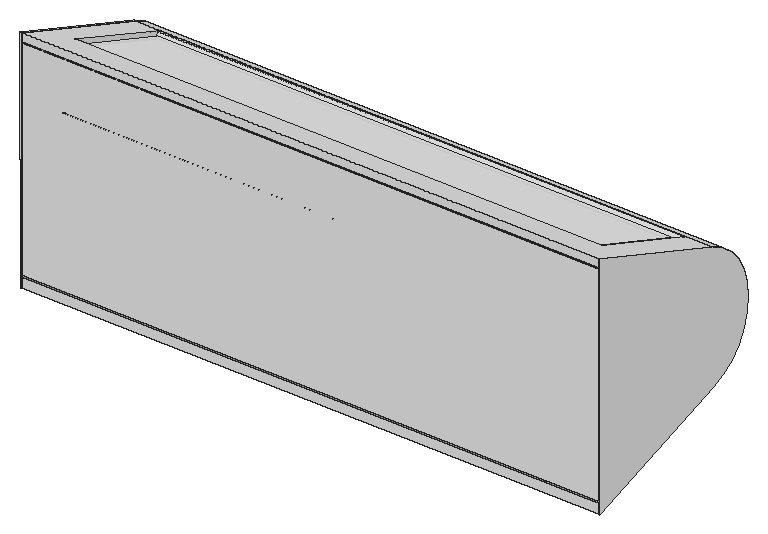
Revit family "VRWB-3551", category Lighting Fixtures, host Wall, Revit 2019
Family settings
  Host = Wall
  Round Connector Dimension = Use Diameter
  Part Type = Normal
  OmniClass Number = 23.80.70.00
  OmniClass Title = Lighting
  Always vertical = Yes
  Cut with Voids When Loaded = No
  Light Source = Yes
  Shared = No
  Room Calculation Point = No
Parameters (values of type "VRWB-3551-1X2-LED840K52L-P08P82")
  Width = 0' - 10 1/2"
  Wattage = 44 W
  built-in parameter 1150110 = 1 (stored number, unit not read)
  Voltage = 120 V
  URL = "https://www.viscor.com/en/products/vrwb-3551"
  built-in parameter 1114217 = 0.9 (stored number, unit not read)
  Tilt Angle = 0.00° - 180.00°  # -180.00°
  built-in parameter 1150109 = 1 (stored number, unit not read)
  built-in parameter 1150134 = 12
  built-in parameter 1150113 = 1 (stored number, unit not read)
  Photometric Web File = "VRWB-3551-1X2-LED840K52L-P08P82.ies"
  Model = "VRWB-3551"  # constant formula
  Manufacturer = "CERTOLUX by VISCOR"  # constant formula
  Lumens = 4884 lm
  built-in parameter 1150115 = 1 (stored number, unit not read)
  built-in parameter 1150105 = 388.66 (stored number, unit not read)
  built-in parameter 1150137 = (empty or 0)
  built-in parameter 1150139 = (empty or 0)
  Lens Finish = Polycarbonate - Viscor - Clear
  Length = 2' - 2 153/256"
  Lamp Wattage = 44 VA
  built-in parameter 1150112 = 1 (stored number, unit not read)
  built-in parameter 1150114 = 1 (stored number, unit not read)
  Lamp = "LED"  # constant formula
  built-in parameter 1150132 = (empty or 0)
  built-in parameter 1150102 = (empty or 0)
  built-in parameter 1150138 = (empty or 0)
  built-in parameter 1150107 = 4000 (stored number, unit not read)
  built-in parameter 1150106 = 3.8866 (stored number, unit not read)
  Housing Finish = Metal - Viscor - White
  Emit from Line Length = Length  # 2' - 2 153/256"
  built-in parameter 1150104 = 10.312 (stored number, unit not read)
  Dimming Lamp Color Temperature Shift = <None>
  Description = "LED Vandal Resistant Wall Mount - Bullnose Style"  # constant formula
  Color Filter = 16777215
  built-in parameter 1114218 = 1 (stored number, unit not read)
  built-in parameter 1150133 = 10 (stored number, unit not read)
  Assembly Code = "D5020200"
  Apparent Load = Lamp Wattage  # 44 VA
Types (5): name | Wattage | Photometric Web File | Lumens | built-in parameter 1150105 | Length | Lamp Wattage | built-in parameter 1150106 | Emit from Line Length | built-in parameter 1150104 | Apparent Load
  (no name) | 44 W | "VRWB-3551-1X2-LED840K52L-P08P82.ies" | 4884 lm | 388.66 (stored number, unit not read) | 2' - 2 153/256" | 44 VA | 3.8866 (stored number, unit not read) | 2' - 2 153/256" | 10.312 (stored number, unit not read) | 44 VA
  VRWB-3551-1X4-LED840K52L-P08P82 | 44 W | "VRWB-3551-1X4-LED840K52L-P08P82.ies" | 4884 lm | 388.66 (stored number, unit not read) | 4' - 2 83/128" | 44 VA | 3.8866 (stored number, unit not read) | 4' - 2 83/128" | 10.312 (stored number, unit not read) | 44 VA
  VRWB-3551-1X4-LED840K78L-P08P82 | 66 W | "VRWB-3551-1X4-LED840K78L-P08P82.ies" | 7326 lm | 582.98 (stored number, unit not read) | 4' - 2 83/128" | 66 VA | 5.8298 (stored number, unit not read) | 4' - 2 83/128" | 10.312 (stored number, unit not read) | 66 VA
  VRWB-3551-1X4-LED840K104L-P08P82 | 102 W | "VRWB-3551-1X4-LED840K104L-P08P82.ies" | 9588 lm | 762.99 (stored number, unit not read) | 4' - 2 83/128" | 102 VA | 7.6299 (stored number, unit not read) | 4' - 2 83/128" | 8.7329 (stored number, unit not read) | 102 VA
  VRWB-3551-1X2-LED840K52L-P08P82 | 44 W | "VRWB-3551-1X2-LED840K52L-P08P82.ies" | 4884 lm | 388.66 (stored number, unit not read) | 2' - 2 153/256" | 44 VA | 3.8866 (stored number, unit not read) | 2' - 2 153/256" | 10.312 (stored number, unit not read) | 44 VA
Reference planes (in)
  plane 1: y = 0
  plane 2 "Light Source Axis (F/B)": y = 11.53125
  plane 3 "Light Source Axis (L/R)": x = -1.43133
  plane 4 "Light Source Elevation": z = 77.7706
  plane 5: z = 83.0206
  plane 6: z = 72.5206
  plane 7: x = 11.8675
  plane 8: x = -14.73015
  plane 9: x = -14.65615
  plane 10: x = 11.7935
  plane 11: x = 10.1685
  plane 12: x = -13.03115
  plane 13: x = 10.4175
  plane 14: x = -13.28015
Forms (in)
  Extrusion 1, solid, material "Metal - Viscor - White" <- "Housing Finish"
    sketch origin (-1.43133, 0, 0) x (0, -1, 0) y (0, 0, 1)
      loop
        arc (-3.17983, 72.90637) -> (-3.04696, 72.92949) -> (-3, 73.05591) r 0.13538
        line (-3, 73.05591) -> (-3.23173, 74.35818) -> (-3.23173, 81.29141) -> (-3.00204, 82.59409)
        arc (-3.00204, 82.59409) -> (-3.04787, 82.72001) -> (-3.17983, 82.74328) r 0.134
        line (-3.17983, 82.74328) -> (-4.25381, 82.35238) -> (-4.22843, 82.28264) -> (-3.15445, 82.67353)
        arc (-3.15445, 82.67353) -> (-3.09557, 82.66315) -> (-3.07513, 82.60698) r 0.05978
        line (-3.07513, 82.60698) -> (-3.30595, 81.2979) -> (-3.30595, 74.35163) -> (-3.07315, 73.04336)
        arc (-3.07315, 73.04336) -> (-3.09454, 72.98646) -> (-3.15445, 72.97611) r 0.06116
        line (-3.15445, 72.97611) -> (-4.22843, 73.367) -> (-4.25381, 73.29726) -> (-3.17983, 72.90637)
    from -13.22483 to 13.22483
  Extrusion 2, solid, material "Metal - Viscor - White" <- "Housing Finish"
    sketch origin (-1.43133, 0, 0) x (0, -1, 0) y (0, 0, 1)
      loop
        line (-9.48785, 74.88198) -> (-3, 72.5206) -> (-3, 83.0206) -> (-9.48785, 80.65921)
        arc (-9.48785, 80.65921) -> (-11.51048, 77.7706) -> (-9.48785, 74.88198) r 3.074
    from 13.22483 to 13.29883
  Extrusion 3, solid, material "Metal - Viscor - White" <- "Housing Finish"
    sketch origin (-1.43133, 0, 0) x (0, -1, 0) y (0, 0, -1)
      loop
        arc (-9.48785, -74.88198) -> (-11.51048, -77.7706) -> (-9.48785, -80.65921) r 3.074
        line (-9.48785, -80.65921) -> (-3, -83.0206) -> (-3, -72.5206) -> (-9.48785, -74.88198)
    from 13.22483 to 13.29883
  Extrusion 4, solid, material "Metal - Viscor - White" <- "Housing Finish"
    sketch origin (-1.43133, 0, 0) x (0, -1, 0) y (0, 0, 1)
      loop
        line (-3, 83.0206) -> (-9.48785, 80.65921)
        arc (-9.48785, 80.65921) -> (-11.51048, 77.7706) -> (-9.48785, 74.88198) r 3.074
        line (-9.48785, 74.88198) -> (-3, 72.5206) -> (-3, 83.0206)
    from -13.22483 to 13.22483
  Extrusion 5, solid, material "Metal - Viscor - White" <- "Housing Finish"
    sketch origin (-1.43133, 0, 0) x (0, -1, 0) y (0, 0, 1)
      loop
        line (-3.38073, 80.10213) -> (-9.44394, 77.8953)
        arc (-9.44394, 77.8953) -> (-9.49329, 77.82482) -> (-9.44394, 77.75434) r 0.075
        line (-9.44394, 77.75434) -> (-3.38073, 75.54752)
        arc (-3.38073, 75.54752) -> (-3.34263, 75.5436) -> (-3.30573, 75.53332) r 0.22623
        line (-3.30573, 75.53332) -> (-3.30573, 80.11632)
        arc (-3.30573, 80.11632) -> (-3.34263, 80.10604) -> (-3.38073, 80.10213) r 0.22623
      loop
        line (-3.37403, 80.06715) -> (-9.43192, 77.86226)
        arc (-9.43192, 77.86226) -> (-9.45814, 77.82482) -> (-9.43192, 77.78738) r 0.03984
        line (-9.43192, 77.78738) -> (-3.37403, 75.58249)
        arc (-3.37403, 75.58249) -> (-3.3574, 75.58128) -> (-3.34089, 75.57901) r 0.26139
        line (-3.34089, 75.57901) -> (-3.34089, 80.07063)
        arc (-3.34089, 80.07063) -> (-3.3574, 80.06836) -> (-3.37403, 80.06715) r 0.26139
    from 11.59983 to 13.22483
  Extrusion 6, solid, material "Metal - Viscor - White" <- "Housing Finish"
    sketch origin (-1.43133, 0, 0) x (0, -1, 0) y (0, 0, -1)
      loop
        arc (-3.38073, -80.10213) -> (-3.34263, -80.10604) -> (-3.30573, -80.11632) r 0.22623
        line (-3.30573, -80.11632) -> (-3.30573, -75.53332)
        arc (-3.30573, -75.53332) -> (-3.34263, -75.5436) -> (-3.38073, -75.54752) r 0.22623
        line (-3.38073, -75.54752) -> (-9.44394, -77.75434)
        arc (-9.44394, -77.75434) -> (-9.49329, -77.82482) -> (-9.44394, -77.8953) r 0.075
        line (-9.44394, -77.8953) -> (-3.38073, -80.10213)
      loop
        arc (-3.37403, -80.06715) -> (-3.3574, -80.06836) -> (-3.34089, -80.07063) r 0.26139
        line (-3.34089, -80.07063) -> (-3.34089, -75.57901)
        arc (-3.34089, -75.57901) -> (-3.3574, -75.58128) -> (-3.37403, -75.58249) r 0.26139
        line (-3.37403, -75.58249) -> (-9.43192, -77.78738)
        arc (-9.43192, -77.78738) -> (-9.45814, -77.82482) -> (-9.43192, -77.86226) r 0.03984
        line (-9.43192, -77.86226) -> (-3.37403, -80.06715)
    from 11.59983 to 13.22483
  Extrusion 7, solid, material "Metal - Viscor - White" <- "Housing Finish"
    sketch origin (-1.43133, 0, 0) x (0, -1, 0) y (0, 0, 1)
      loop
        line (-3.30573, 80.65632) -> (-3.33698, 80.65632) -> (-3.33698, 80.18363)
        arc (-3.33698, 80.18363) -> (-3.34381, 80.16198) -> (-3.36182, 80.14816) r 0.03775
        line (-3.36182, 80.14816) -> (-9.56376, 77.89083)
        arc (-9.56376, 77.89083) -> (-9.60998, 77.82482) -> (-9.56376, 77.75881) r 0.07025
        line (-9.56376, 77.75881) -> (-3.36182, 75.50149)
        arc (-3.36182, 75.50149) -> (-3.34381, 75.48766) -> (-3.33698, 75.46601) r 0.03775
        line (-3.33698, 75.46601) -> (-3.33698, 74.99332) -> (-3.30573, 74.99332) -> (-3.30573, 75.46601)
        arc (-3.30573, 75.46601) -> (-3.31821, 75.50559) -> (-3.35113, 75.53085) r 0.069
        line (-3.35113, 75.53085) -> (-9.55307, 77.78817)
        arc (-9.55307, 77.78817) -> (-9.57873, 77.82482) -> (-9.55307, 77.86147) r 0.039
        line (-9.55307, 77.86147) -> (-3.35113, 80.11879)
        arc (-3.35113, 80.11879) -> (-3.31821, 80.14405) -> (-3.30573, 80.18363) r 0.069
        line (-3.30573, 80.18363) -> (-3.30573, 80.65632)
    from -11.59983 to 11.59983
  Extrusion 8, solid, material "Polycarbonate - Viscor - Clear" <- "Lens Finish"
    sketch origin (-1.43133, 0, 0) x (0, -1, 0) y (0, 0, 1)
      loop
        line (-4.84724, 73.29297) -> (-4.80448, 73.41043) -> (-9.0331, 74.94952) -> (-9.07585, 74.83206) -> (-4.84724, 73.29297)
    from -11.84883 to 11.84883
  Extrusion 9, solid, material "Polycarbonate - Viscor - Clear" <- "Lens Finish"
    sketch origin (-1.43133, 0, 155.54119) x (0, -1, 0) y (0, 0, 1)
      loop
        line (-4.84724, -73.29297) -> (-9.07585, -74.83206) -> (-9.0331, -74.94952) -> (-4.80448, -73.41043) -> (-4.84724, -73.29297)
    from -11.84883 to 11.84883
  Extrusion 10, void
    sketch origin (-1.43133, 9.37039, 74.83923) x (0, 0.939693, 0.34202) y (-1, 0, 0)
      loop
        line (-0.02923, 12.22383) -> (-5.06576, 12.22383) -> (-5.06576, -12.22383) -> (-0.02923, -12.22383) -> (-0.02923, 12.22383)
    from 0 to 0.219
  Extrusion 11, void
    sketch origin (-1.43133, 3, 83.0206) x (0, -0.939693, 0.34202) y (-1, 0, 0)
      loop
        line (-1.75, -12.09883) -> (-1.75, 12.09883) -> (-6.75, 12.09883) -> (-6.75, -12.09883) -> (-1.75, -12.09883)
    from 0 to 0.27331
Cuts and joins
  Extrusion 10, Extrusion 11 cuts Extrusion 4
Text (in)
  text "Placement Side" at (0, 40.15149, 123.01588), in view "Right"
  text "Placement Side" at (-70.3804, 28.46503, 0), in view "Ref. Level"
  text "Placement Side" at (0, 85.69064, 140.59947), in view "Left"
Dimensions and locks (in)
  equal spacing: plane 8, plane 3 "Light Source Axis (L/R)", plane 7
  equal spacing: plane 6, plane 4 "Light Source Elevation", plane 5
  "Length": plane 8 to plane 7
  "Width": plane 6 to plane 5
  locked: plane 10 to plane 7 at 0.074
  locked: plane 8 to plane 9 at 0.074
  locked: plane 11 to plane 10 at 1.625
  locked: plane 9 to plane 12 at 1.625
  locked: plane 13 to plane 7 at 1.45
  locked: plane 8 to plane 14 at 1.45
  aligned: level to host wall
  aligned and locked: plane 3 "Light Source Axis (L/R)" to imposter light
  aligned and locked: plane 2 "Light Source Axis (F/B)" to imposter light
  aligned and locked: plane 4 "Light Source Elevation" to imposter light
  aligned and locked: Extrusion 1 to plane 10
  aligned and locked: plane 9 to Extrusion 1
  aligned and locked: plane 8 to Extrusion 2
  aligned and locked: Extrusion 2 to plane 9
  aligned and locked: Extrusion 3 to plane 7
  aligned and locked: plane 10 to Extrusion 3
  aligned and locked: plane 9 to Extrusion 4
  aligned and locked: Extrusion 4 to plane 10
  aligned and locked: plane 9 to Extrusion 5
  aligned and locked: Extrusion 5 to plane 12
  aligned and locked: Extrusion 6 to plane 10
  aligned and locked: plane 11 to Extrusion 6
  aligned and locked: Extrusion 7 to plane 11
  aligned and locked: plane 12 to Extrusion 7
  aligned and locked: Extrusion 8 to plane 13
  aligned and locked: plane 14 to Extrusion 8
  aligned and locked: Extrusion 9 to plane 13
  aligned and locked: plane 14 to Extrusion 9
Automatic sketch dimensions
  Extrusion 1 sketch curve to Extrusion 1 sketch curve = 0' - 0"  (x4)
  Extrusion 1 sketch curve to host wall = 0' - 0"
  host wall to Extrusion 1 sketch curve = 0' - 0.00204"
  host wall to Extrusion 1 sketch curve = 0' - 0.07315"
  Extrusion 1 sketch curve to Extrusion 1 sketch curve = 0' - 0.07309"
  Extrusion 1 sketch curve to Extrusion 1 sketch curve = 0' - 0.06038"
  Extrusion 1 sketch curve to Extrusion 1 sketch curve = 0' - 0.05887"
  Extrusion 1 sketch curve to Extrusion 1 sketch curve = 0' - 0.02045"
  Extrusion 1 sketch curve to Extrusion 1 sketch curve = 0' - 0.02092"
  Extrusion 1 sketch curve to Extrusion 1 sketch curve = 0' - 0.02538"  (x4)
  host wall to Extrusion 1 sketch curve = 0' - 0.23173"
  Extrusion 1 sketch curve to Extrusion 1 sketch curve = 0' - 0 19/256"
  Extrusion 1 sketch curve to Extrusion 1 sketch curve = 0' - 1.07398"  (x2)
  Extrusion 1 sketch curve to plane 5 = 0' - 0.66822"
  plane 6 to Extrusion 1 sketch curve = 0' - 0.77667"
  plane 6 to Extrusion 1 sketch curve = 0' - 0.53532"
  Extrusion 1 sketch curve to Extrusion 1 sketch curve = 0' - 0.01255"
  Extrusion 1 sketch curve to Extrusion 1 sketch curve = 0' - 1.30827"
  Extrusion 1 sketch curve to Extrusion 1 sketch curve = 0' - 0.00655"
  Extrusion 1 sketch curve to Extrusion 1 sketch curve = 0' - 1.06097"
  Extrusion 1 sketch curve to Extrusion 1 sketch curve = 0' - 0.00649"
  Extrusion 1 sketch curve to Extrusion 1 sketch curve = 0' - 0.06974"
  Extrusion 1 sketch curve to Extrusion 1 sketch curve = 0' - 0.07944"
  plane 4 "Light Source Elevation" to Extrusion 2 sketch curve = 0' - 0"
  Extrusion 2 sketch curve to host wall = 0' - 0"
  Extrusion 2 sketch curve to plane 6 = 0' - 0"
  Extrusion 2 sketch curve to plane 5 = 0' - 0"
  plane 2 "Light Source Axis (F/B)" to Extrusion 2 sketch curve = 0' - 3.09477"
  plane 2 "Light Source Axis (F/B)" to Extrusion 2 sketch curve = 0' - 2.0434"  (x2)
  plane 6 to Extrusion 2 sketch curve = 0' - 2.36138"
  plane 4 "Light Source Elevation" to Extrusion 3 sketch curve = 0' - 0"
  Extrusion 3 sketch curve to host wall = 0' - 0"
  Extrusion 3 sketch curve to plane 5 = 0' - 0"
  Extrusion 3 sketch curve to plane 6 = 0' - 0"
  plane 2 "Light Source Axis (F/B)" to Extrusion 3 sketch curve = 0' - 3.09477"
  plane 2 "Light Source Axis (F/B)" to Extrusion 3 sketch curve = 0' - 2.0434"  (x2)
  Extrusion 3 sketch curve to plane 5 = 0' - 2.36138"
  plane 4 "Light Source Elevation" to Extrusion 4 sketch curve = 0' - 0"
  Extrusion 4 sketch curve to host wall = 0' - 0"
  Extrusion 4 sketch curve to plane 6 = 0' - 0"
  Extrusion 4 sketch curve to plane 5 = 0' - 0"
  plane 2 "Light Source Axis (F/B)" to Extrusion 4 sketch curve = 0' - 3.09477"
  plane 2 "Light Source Axis (F/B)" to Extrusion 4 sketch curve = 0' - 2.0434"  (x2)
  plane 6 to Extrusion 4 sketch curve = 0' - 2.36138"
  Extrusion 5 sketch curve to Extrusion 5 sketch curve = 0' - 0"  (x7)
  Extrusion 5 sketch curve to plane 4 "Light Source Elevation" = 0' - 0.1247"
  plane 2 "Light Source Axis (F/B)" to Extrusion 5 sketch curve = 0' - 2.08731"
  plane 4 "Light Source Elevation" to Extrusion 5 sketch curve = 0' - 0.01625"
  Extrusion 5 sketch curve to plane 4 "Light Source Elevation" = 0' - 0.09167"
  Extrusion 5 sketch curve to Extrusion 5 sketch curve = 0' - 0.01202"
  Extrusion 5 sketch curve to plane 4 "Light Source Elevation" = 0' - 0.01678"
  Extrusion 5 sketch curve to Extrusion 5 sketch curve = 0' - 0.01363"
  host wall to Extrusion 5 sketch curve = 0' - 0.3847"  (x2)
  Extrusion 5 sketch curve to Extrusion 5 sketch curve = 0' - 0.00397"  (x2)
  Extrusion 5 sketch curve to Extrusion 5 sketch curve = 0' - 0.0067"  (x2)
  Extrusion 5 sketch curve to Extrusion 5 sketch curve = 0' - 0.03314"
  Extrusion 5 sketch curve to Extrusion 5 sketch curve = 0' - 0 9/256"
  plane 4 "Light Source Elevation" to Extrusion 5 sketch curve = 0' - 2.18811"
  Extrusion 5 sketch curve to Extrusion 5 sketch curve = 0' - 0.00348"  (x2)
  Extrusion 5 sketch curve to Extrusion 5 sketch curve = 0' - 0.03497"  (x2)
  Extrusion 5 sketch curve to plane 4 "Light Source Elevation" = 0' - 2.29656"
  Extrusion 6 sketch curve to Extrusion 6 sketch curve = 0' - 0"  (x7)
  Extrusion 6 sketch curve to plane 4 "Light Source Elevation" = 0' - 0.1247"
  plane 2 "Light Source Axis (F/B)" to Extrusion 6 sketch curve = 0' - 2.08731"
  plane 4 "Light Source Elevation" to Extrusion 6 sketch curve = 0' - 0.01625"
  Extrusion 6 sketch curve to plane 4 "Light Source Elevation" = 0' - 0.09167"
  Extrusion 6 sketch curve to Extrusion 6 sketch curve = 0' - 0.01202"
  Extrusion 6 sketch curve to plane 4 "Light Source Elevation" = 0' - 0.01678"
  Extrusion 6 sketch curve to Extrusion 6 sketch curve = 0' - 0.01363"
  host wall to Extrusion 6 sketch curve = 0' - 0.3847"  (x2)
  Extrusion 6 sketch curve to Extrusion 6 sketch curve = 0' - 0.00397"  (x2)
  Extrusion 6 sketch curve to Extrusion 6 sketch curve = 0' - 0.0067"  (x2)
  Extrusion 6 sketch curve to Extrusion 6 sketch curve = 0' - 0.03314"
  Extrusion 6 sketch curve to Extrusion 6 sketch curve = 0' - 0 9/256"
  Extrusion 6 sketch curve to plane 4 "Light Source Elevation" = 0' - 2.29656"
  Extrusion 6 sketch curve to Extrusion 6 sketch curve = 0' - 0.00348"  (x2)
  Extrusion 6 sketch curve to Extrusion 6 sketch curve = 0' - 0.03497"  (x2)
  plane 4 "Light Source Elevation" to Extrusion 6 sketch curve = 0' - 2.18811"
  Extrusion 7 sketch curve to Extrusion 7 sketch curve = 0' - 0"  (x7)
  Extrusion 7 sketch curve to plane 4 "Light Source Elevation" = 0' - 0.12024"
  plane 2 "Light Source Axis (F/B)" to Extrusion 7 sketch curve = 0' - 1.96749"
  plane 4 "Light Source Elevation" to Extrusion 7 sketch curve = 0' - 0.01179"
  Extrusion 7 sketch curve to plane 4 "Light Source Elevation" = 0' - 0.01758"
  Extrusion 7 sketch curve to Extrusion 7 sketch curve = 0' - 0.01069"  (x3)
  Extrusion 7 sketch curve to plane 4 "Light Source Elevation" = 0' - 0.09087"
  Extrusion 7 sketch curve to Extrusion 7 sketch curve = 0' - 0.01334"
  host wall to Extrusion 7 sketch curve = 0' - 0.37473"  (x2)
  Extrusion 7 sketch curve to Extrusion 7 sketch curve = 0' - 0.01291"  (x2)
  host wall to Extrusion 7 sketch curve = 0' - 0.33698"
  Extrusion 7 sketch curve to Extrusion 7 sketch curve = 0' - 0.03775"
  Extrusion 7 sketch curve to Extrusion 7 sketch curve = 0' - 0 1/32"  (x2)
  plane 4 "Light Source Elevation" to Extrusion 7 sketch curve = 0' - 2.23974"
  Extrusion 7 sketch curve to Extrusion 7 sketch curve = 0' - 0.47269"  (x2)
  Extrusion 7 sketch curve to plane 4 "Light Source Elevation" = 0' - 2.34819"
  plane 2 "Light Source Axis (F/B)" to Extrusion 8 sketch curve = 0' - 2.4554"
  plane 6 to Extrusion 8 sketch curve = 0' - 2.42892"
  Extrusion 8 sketch curve to Extrusion 8 sketch curve = 0' - 0.04275"
  plane 6 to Extrusion 8 sketch curve = 0' - 0.77237"
  host wall to Extrusion 8 sketch curve = 0' - 1.84724"
  Extrusion 9 sketch curve to plane 2 "Light Source Axis (F/B)" = 0' - 2.4554"
  plane 5 to Extrusion 9 sketch curve = 0' - 2.42892"
  Extrusion 9 sketch curve to Extrusion 9 sketch curve = 0' - 0.04275"
  plane 5 to Extrusion 9 sketch curve = 0' - 0.77237"
  Extrusion 9 sketch curve to host wall = 0' - 1.84724"
  Extrusion 4 to Extrusion 10 sketch curve = 0' - 1.71347"
  Extrusion 10 sketch curve to Extrusion 4 = 0' - 0.15423"
  Extrusion 10 sketch curve to Extrusion 4 = 0' - 1.001"  (x2)
  Extrusion 11 sketch curve to Extrusion 4 = 0' - 0.15423"
  Extrusion 11 sketch curve to Extrusion 4 = 0' - 1 3/4"
  Extrusion 11 sketch curve to Extrusion 4 = 0' - 1.126"  (x2)
Connectors (in)
  electrical at (-1.5, 11.53125, 77.7706), driven by "Voltage", driven by "Lamp Wattage"
    settings: index 1, voltage 120 V, apparent load 0 VA, apparent load phase1 44 VA, apparent load phase2 0 VA, apparent load phase3 0 VA, power factor 1, load classification "Other", number of poles 1, system type 31, power factor state 1, is connector primary yes, connector utility no, sub classification motor no, connector description ""
